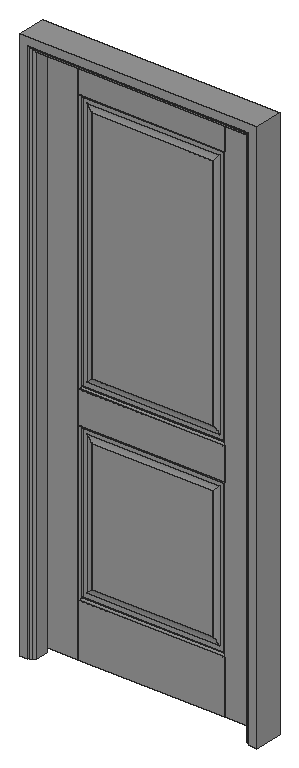
Revit family "V813MERCARVE9", category Doors, host Wall, Revit 2015
Parameters (values of type "V813MERCARVE9")
  Function = Interior
  Frame Projection Ext. = 25 mm
  Frame Projection Int. = 25 mm
  Frame Width = 75 mm
  Height = 2090 mm
  Wall Closure = By host
  Width = 889 mm
Reference planes
  plane 1: y = 0
  plane 2 "Center (Left/Right)": x = 0
  plane 3 "Left": x = -444.5
  plane 4 "Right": x = 444.5
  plane 5: z = 2090
  plane 6 "Exterior": y = 75
  plane 7 "Interior": y = -75
Forms (mm)
  Sweep 1, solid, material "Lauan, Meranti"
    path origin (0, 75, 0) x (1, 0, 0) y (0, 0, 1)
      loop
        line (444.5, 0) -> (444.5, 2090) -> (-444.5, 2090) -> (-444.5, 0)
    profile "Van Acht 105x50 Door Frame Routed Profile (Heavy) : Van Acht 105x50 Door Frame Routed Profile (Heavy)" origin (444.5, 75, 1045) x (-1, 0, 0) y (0, -1, 0)
      loop
        line (0, 22.5) -> (38, 22.5) -> (38, 67.5) -> (50, 67.5) -> (50, 112.5)
        arc (50, 112.5) -> (44.957, 114.29) -> (42.17, 118.859) r 8
        line (42.17, 118.859) -> (39, 118.859)
        arc (39, 118.859) -> (35.311, 122.973) -> (30, 124.5) r 10
        line (30, 124.5) -> (30, 127.5) -> (0, 127.5) -> (0, 22.5)
  Extrusion 2, solid, material "Lauan, Meranti"
    sketch origin (0, -85, 0) x (0, 1, 0) y (0, 0, 1)
      loop
        line (132.5, 20) -> (132.5, 221) -> (130.5, 221)
        arc (130.5, 221) -> (128.866, 225.67) -> (124.5, 228) r 6.807
        line (124.5, 228) -> (124.5, 230) -> (122.5, 230) -> (122.5, 215) -> (102.5, 215) -> (102.5, 230) -> (100.5, 230) -> (100.5, 228)
        arc (100.5, 228) -> (96.134, 225.67) -> (94.5, 221) r 6.807
        line (94.5, 221) -> (92.5, 221) -> (92.5, 20) -> (132.5, 20)
      loop
        line (132.5, 809) -> (132.5, 931) -> (130.5, 931)
        arc (130.5, 931) -> (128.866, 935.67) -> (124.5, 938) r 6.807
        line (124.5, 938) -> (124.5, 940) -> (122.5, 940) -> (122.5, 925) -> (102.5, 925) -> (102.5, 940) -> (100.5, 940) -> (100.5, 938)
        arc (100.5, 938) -> (96.134, 935.67) -> (94.5, 931) r 6.807
        line (94.5, 931) -> (92.5, 931) -> (92.5, 809) -> (94.5, 809)
        arc (94.5, 809) -> (96.134, 804.33) -> (100.5, 802) r 6.807
        line (100.5, 802) -> (100.5, 800) -> (102.5, 800) -> (102.5, 815) -> (122.5, 815) -> (122.5, 800) -> (124.5, 800) -> (124.5, 802)
        arc (124.5, 802) -> (128.866, 804.33) -> (130.5, 809) r 6.807
        line (130.5, 809) -> (132.5, 809)
      loop
        line (130.5, 1921) -> (132.5, 1921) -> (132.5, 2052) -> (92.5, 2052) -> (92.5, 1921) -> (94.5, 1921)
        arc (94.5, 1921) -> (96.134, 1916.33) -> (100.5, 1914) r 6.807
        line (100.5, 1914) -> (100.5, 1912) -> (102.5, 1912) -> (102.5, 1927) -> (122.5, 1927) -> (122.5, 1912) -> (124.5, 1912) -> (124.5, 1914)
        arc (124.5, 1914) -> (128.866, 1916.33) -> (130.5, 1921) r 6.807
    from -275.5 to 275.5
  Extrusion 3, solid, material "Lauan, Meranti"
    sketch origin (0, 0, 0) x (1, 0, 0) y (0, 1, 0)
      loop
        line (-406.5, 47.5) -> (-406.5, 7.5) -> (-275.5, 7.5) -> (-275.5, 9.5)
        arc (-275.5, 9.5) -> (-270.765, 11.06) -> (-268.5, 15.5) r 6.549
        line (-268.5, 15.5) -> (-266.5, 15.5) -> (-266.5, 17.5) -> (-281.5, 17.5) -> (-281.5, 37.5) -> (-266.5, 37.5) -> (-266.5, 39.5) -> (-268.5, 39.5)
        arc (-268.5, 39.5) -> (-270.765, 43.94) -> (-275.5, 45.5) r 6.549
        line (-275.5, 45.5) -> (-275.5, 47.5) -> (-406.5, 47.5)
      loop
        line (406.5, 47.5) -> (275.5, 47.5) -> (275.5, 45.5)
        arc (275.5, 45.5) -> (270.765, 43.94) -> (268.5, 39.5) r 6.549
        line (268.5, 39.5) -> (266.5, 39.5) -> (266.5, 37.5) -> (281.5, 37.5) -> (281.5, 17.5) -> (266.5, 17.5) -> (266.5, 15.5) -> (268.5, 15.5)
        arc (268.5, 15.5) -> (270.765, 11.06) -> (275.5, 9.5) r 6.549
        line (275.5, 9.5) -> (275.5, 7.5) -> (406.5, 7.5) -> (406.5, 47.5)
    from 20 to 2052
  Sweep 4, solid, material "Lauan, Meranti"
    path origin (0, 75, 0) x (1, 0, 0) y (0, 0, 1)
      loop
        line (275.5, 1921) -> (-275.5, 1921) -> (-275.5, 931) -> (275.5, 931) -> (275.5, 1921)
    profile origin (0, 75, 1921) x (0, 0, -1) y (0, -1, 0)
      loop
        line (-4.5, 57.5) -> (-4.5, 37.5) -> (25.727, 37.5)
        arc (25.727, 37.5) -> (37.468, 35.847) -> (48.5, 31.5) r 50.456
        line (48.5, 31.5) -> (48.5, 63.5)
        arc (48.5, 63.5) -> (37.468, 59.153) -> (25.727, 57.5) r 50.456
        line (25.727, 57.5) -> (-4.5, 57.5)
  Sweep 5, solid, material "Lauan, Meranti"
    path origin (0, 75, 0) x (1, 0, 0) y (0, 0, 1)
      loop
        line (275.5, 809) -> (-275.5, 809) -> (-275.5, 221) -> (275.5, 221) -> (275.5, 809)
    profile origin (0, 75, 809) x (0, 0, -1) y (0, -1, 0)
      loop
        line (-4.5, 57.5) -> (-4.5, 37.5) -> (25.727, 37.5)
        arc (25.727, 37.5) -> (37.468, 35.847) -> (48.5, 31.5) r 50.456
        line (48.5, 31.5) -> (48.5, 63.5)
        arc (48.5, 63.5) -> (37.468, 59.153) -> (25.727, 57.5) r 50.456
        line (25.727, 57.5) -> (-4.5, 57.5)
  Extrusion 6, solid, material "Lauan, Meranti"
    sketch origin (0, 75, 0) x (1, 0, 0) y (0, 0, 1)
      loop
        line (227, 760.5) -> (-227, 760.5) -> (-227, 269.5) -> (227, 269.5) -> (227, 760.5)
    from 31.5 to 63.5
  Extrusion 7, solid, material "Lauan, Meranti"
    sketch origin (0, 75, 715) x (1, 0, 0) y (0, 0, 1)
      loop
        line (227, 1157.5) -> (-227, 1157.5) -> (-227, 264.5) -> (227, 264.5) -> (227, 1157.5)
    from 31.5 to 63.5
  Sweep 8, void
    path origin (-193.5, 102.5, 4) x (1, 0, 0) y (0, 0, 1)
      loop
        line (-3.5, 295.5) -> (390.5, 295.5) -> (390.5, 726.5) -> (-3.5, 726.5) -> (-3.5, 295.5)
    profile origin (0, 102.5, 299.5) x (0, 0, 1) y (0, -1, 0)
      loop
        line (-4, 59) -> (4, 59) -> (0, 62.5) -> (-4, 59)
  Sweep 9, void
    path origin (809.197, 102.5, 335.78) x (0, 0, 1) y (-1, 0, 0)
      loop
        line (352.839, 726.5) -> (299.579, 726.5) -> (284.284, 711.205) -> (299.579, 695.91) -> (352.839, 695.91) -> (368.134, 711.205) -> (352.839, 726.5)
    profile origin (82.697, 102.5, 661.989) x (0, -1, 0) y (1, 0, 0)
      loop
        line (59, -4) -> (62.5, 0) -> (59, 4) -> (59, -4)
  Sweep 10, void
    path origin (-277.213, 102.5, 2.197) x (1, 0, 0) y (0, 0, 1)
      loop
        line (349.91, 683.492) -> (302.508, 683.492) -> (302.508, 636.09) -> (349.91, 636.09) -> (349.91, 683.492)
    profile origin (48.996, 102.5, 685.69) x (0, 0, -1) y (0, -1, 0)
      loop
        line (-4, 59) -> (4, 59) -> (0, 62.5) -> (-4, 59)
  Sweep 11, void
    path origin (-277.213, 102.5, -0.221) x (1, 0, 0) y (0, 0, 1)
      loop
        line (352.839, 726.5) -> (299.579, 726.5) -> (284.284, 711.205) -> (299.579, 695.91) -> (352.839, 695.91) -> (368.134, 711.205) -> (352.839, 726.5)
    profile origin (48.996, 102.5, 726.279) x (0, 0, -1) y (0, -1, 0)
      loop
        line (-4, 59) -> (4, 59) -> (0, 62.5) -> (-4, 59)
  Sweep 12, void
    path origin (711.205, 102.5, 335.78) x (0, 0, 1) y (-1, 0, 0)
      loop
        line (352.839, 726.5) -> (299.579, 726.5) -> (284.284, 711.205) -> (299.579, 695.91) -> (352.839, 695.91) -> (368.134, 711.205) -> (352.839, 726.5)
    profile origin (-15.295, 102.5, 661.989) x (0, -1, 0) y (1, 0, 0)
      loop
        line (59, -4) -> (62.5, 0) -> (59, 4) -> (59, -4)
  Sweep 13, void
    path origin (809.197, 102.5, 237.787) x (0, 0, 1) y (-1, 0, 0)
      loop
        line (352.839, 726.5) -> (299.579, 726.5) -> (284.284, 711.205) -> (299.579, 695.91) -> (352.839, 695.91) -> (368.134, 711.205) -> (352.839, 726.5)
    profile origin (82.697, 102.5, 563.996) x (0, -1, 0) y (1, 0, 0)
      loop
        line (59, -4) -> (62.5, 0) -> (59, 4) -> (59, -4)
  Sweep 14, void
    path origin (-277.213, 102.5, -95.795) x (1, 0, 0) y (0, 0, 1)
      loop
        line (349.91, 683.492) -> (302.508, 683.492) -> (302.508, 636.09) -> (349.91, 636.09) -> (349.91, 683.492)
    profile origin (48.996, 102.5, 587.697) x (0, 0, -1) y (0, -1, 0)
      loop
        line (-4, 59) -> (4, 59) -> (0, 62.5) -> (-4, 59)
  Sweep 15, void
    path origin (711.205, 102.5, 237.787) x (0, 0, 1) y (-1, 0, 0)
      loop
        line (352.839, 726.5) -> (299.579, 726.5) -> (284.284, 711.205) -> (299.579, 695.91) -> (352.839, 695.91) -> (368.134, 711.205) -> (352.839, 726.5)
    profile origin (-15.295, 102.5, 563.996) x (0, -1, 0) y (1, 0, 0)
      loop
        line (59, -4) -> (62.5, 0) -> (59, 4) -> (59, -4)
  Sweep 16, void
    path origin (809.197, 102.5, 139.795) x (0, 0, 1) y (-1, 0, 0)
      loop
        line (352.839, 726.5) -> (299.579, 726.5) -> (284.284, 711.205) -> (299.579, 695.91) -> (352.839, 695.91) -> (368.134, 711.205) -> (352.839, 726.5)
    profile origin (82.697, 102.5, 466.004) x (0, -1, 0) y (1, 0, 0)
      loop
        line (59, -4) -> (62.5, 0) -> (59, 4) -> (59, -4)
  Sweep 17, void
    path origin (-277.213, 102.5, -193.787) x (1, 0, 0) y (0, 0, 1)
      loop
        line (349.91, 683.492) -> (302.508, 683.492) -> (302.508, 636.09) -> (349.91, 636.09) -> (349.91, 683.492)
    profile origin (48.996, 102.5, 489.705) x (0, 0, -1) y (0, -1, 0)
      loop
        line (-4, 59) -> (4, 59) -> (0, 62.5) -> (-4, 59)
  Sweep 18, void
    path origin (711.205, 102.5, 139.795) x (0, 0, 1) y (-1, 0, 0)
      loop
        line (352.839, 726.5) -> (299.579, 726.5) -> (284.284, 711.205) -> (299.579, 695.91) -> (352.839, 695.91) -> (368.134, 711.205) -> (352.839, 726.5)
    profile origin (-15.295, 102.5, 466.004) x (0, -1, 0) y (1, 0, 0)
      loop
        line (59, -4) -> (62.5, 0) -> (59, 4) -> (59, -4)
  Sweep 19, void
    path origin (809.197, 102.5, 41.803) x (0, 0, 1) y (-1, 0, 0)
      loop
        line (352.839, 726.5) -> (299.579, 726.5) -> (284.284, 711.205) -> (299.579, 695.91) -> (352.839, 695.91) -> (368.134, 711.205) -> (352.839, 726.5)
    profile origin (82.697, 102.5, 368.012) x (0, -1, 0) y (1, 0, 0)
      loop
        line (59, -4) -> (62.5, 0) -> (59, 4) -> (59, -4)
  Sweep 20, void
    path origin (-277.213, 102.5, -291.78) x (1, 0, 0) y (0, 0, 1)
      loop
        line (349.91, 683.492) -> (302.508, 683.492) -> (302.508, 636.09) -> (349.91, 636.09) -> (349.91, 683.492)
    profile origin (48.996, 102.5, 391.713) x (0, 0, -1) y (0, -1, 0)
      loop
        line (-4, 59) -> (4, 59) -> (0, 62.5) -> (-4, 59)
  Sweep 21, void
    path origin (711.205, 102.5, 41.803) x (0, 0, 1) y (-1, 0, 0)
      loop
        line (352.839, 726.5) -> (299.579, 726.5) -> (284.284, 711.205) -> (299.579, 695.91) -> (352.839, 695.91) -> (368.134, 711.205) -> (352.839, 726.5)
    profile origin (-15.295, 102.5, 368.012) x (0, -1, 0) y (1, 0, 0)
      loop
        line (59, -4) -> (62.5, 0) -> (59, 4) -> (59, -4)
  Sweep 22, void
    path origin (-277.213, 102.5, 1324.197) x (1, 0, 0) y (0, 0, 1)
      loop
        line (352.839, -726.5) -> (368.134, -711.205) -> (352.839, -695.91) -> (299.579, -695.91) -> (284.284, -711.205) -> (299.579, -726.5) -> (352.839, -726.5)
    profile origin (48.996, 102.5, 597.697) x (0, 0, -1) y (0, -1, 0)
      loop
        line (4, 59) -> (0, 62.5) -> (-4, 59) -> (4, 59)
  Sweep 23, void
    path origin (-277.213, 102.5, 1226.205) x (1, 0, 0) y (0, 0, 1)
      loop
        line (352.839, -726.5) -> (368.134, -711.205) -> (352.839, -695.91) -> (299.579, -695.91) -> (284.284, -711.205) -> (299.579, -726.5) -> (352.839, -726.5)
    profile origin (48.996, 102.5, 499.705) x (0, 0, -1) y (0, -1, 0)
      loop
        line (4, 59) -> (0, 62.5) -> (-4, 59) -> (4, 59)
  Sweep 24, void
    path origin (-277.213, 102.5, 1128.213) x (1, 0, 0) y (0, 0, 1)
      loop
        line (352.839, -726.5) -> (368.134, -711.205) -> (352.839, -695.91) -> (299.579, -695.91) -> (284.284, -711.205) -> (299.579, -726.5) -> (352.839, -726.5)
    profile origin (48.996, 102.5, 401.713) x (0, 0, -1) y (0, -1, 0)
      loop
        line (4, 59) -> (0, 62.5) -> (-4, 59) -> (4, 59)
  Sweep 25, void
    path origin (-277.213, 102.5, 1030.221) x (1, 0, 0) y (0, 0, 1)
      loop
        line (352.839, -726.5) -> (368.134, -711.205) -> (352.839, -695.91) -> (299.579, -695.91) -> (284.284, -711.205) -> (299.579, -726.5) -> (352.839, -726.5)
    profile origin (48.996, 102.5, 303.721) x (0, 0, -1) y (0, -1, 0)
      loop
        line (4, 59) -> (0, 62.5) -> (-4, 59) -> (4, 59)
  Sweep 26, void
    path origin (-809.197, 102.5, 335.78) x (0, 0, 1) y (-1, 0, 0)
      loop
        line (352.839, -726.5) -> (368.134, -711.205) -> (352.839, -695.91) -> (299.579, -695.91) -> (284.284, -711.205) -> (299.579, -726.5) -> (352.839, -726.5)
    profile origin (-82.697, 102.5, 661.989) x (0, -1, 0) y (1, 0, 0)
      loop
        line (59, 4) -> (59, -4) -> (62.5, 0) -> (59, 4)
  Sweep 27, void
    path origin (277.213, 102.5, 2.197) x (-1, 0, 0) y (0, 0, -1)
      loop
        line (349.91, -683.492) -> (349.91, -636.09) -> (302.508, -636.09) -> (302.508, -683.492) -> (349.91, -683.492)
    profile origin (-48.996, 102.5, 685.69) x (0, 0, 1) y (0, -1, 0)
      loop
        line (4, 59) -> (0, 62.5) -> (-4, 59) -> (4, 59)
  Sweep 28, void
    path origin (277.213, 102.5, -0.221) x (-1, 0, 0) y (0, 0, -1)
      loop
        line (352.839, -726.5) -> (368.134, -711.205) -> (352.839, -695.91) -> (299.579, -695.91) -> (284.284, -711.205) -> (299.579, -726.5) -> (352.839, -726.5)
    profile origin (-48.996, 102.5, 726.279) x (0, 0, 1) y (0, -1, 0)
      loop
        line (4, 59) -> (0, 62.5) -> (-4, 59) -> (4, 59)
  Sweep 29, void
    path origin (-809.197, 102.5, 237.787) x (0, 0, 1) y (-1, 0, 0)
      loop
        line (352.839, -726.5) -> (368.134, -711.205) -> (352.839, -695.91) -> (299.579, -695.91) -> (284.284, -711.205) -> (299.579, -726.5) -> (352.839, -726.5)
    profile origin (-82.697, 102.5, 563.996) x (0, -1, 0) y (1, 0, 0)
      loop
        line (59, 4) -> (59, -4) -> (62.5, 0) -> (59, 4)
  Sweep 30, void
    path origin (277.213, 102.5, -95.795) x (-1, 0, 0) y (0, 0, -1)
      loop
        line (349.91, -683.492) -> (349.91, -636.09) -> (302.508, -636.09) -> (302.508, -683.492) -> (349.91, -683.492)
    profile origin (-48.996, 102.5, 587.697) x (0, 0, 1) y (0, -1, 0)
      loop
        line (4, 59) -> (0, 62.5) -> (-4, 59) -> (4, 59)
  Sweep 31, void
    path origin (-809.197, 102.5, 139.795) x (0, 0, 1) y (-1, 0, 0)
      loop
        line (352.839, -726.5) -> (368.134, -711.205) -> (352.839, -695.91) -> (299.579, -695.91) -> (284.284, -711.205) -> (299.579, -726.5) -> (352.839, -726.5)
    profile origin (-82.697, 102.5, 466.004) x (0, -1, 0) y (1, 0, 0)
      loop
        line (59, 4) -> (59, -4) -> (62.5, 0) -> (59, 4)
  Sweep 32, void
    path origin (277.213, 102.5, -193.787) x (-1, 0, 0) y (0, 0, -1)
      loop
        line (349.91, -683.492) -> (349.91, -636.09) -> (302.508, -636.09) -> (302.508, -683.492) -> (349.91, -683.492)
    profile origin (-48.996, 102.5, 489.705) x (0, 0, 1) y (0, -1, 0)
      loop
        line (4, 59) -> (0, 62.5) -> (-4, 59) -> (4, 59)
  Sweep 33, void
    path origin (-809.197, 102.5, 41.803) x (0, 0, 1) y (-1, 0, 0)
      loop
        line (352.839, -726.5) -> (368.134, -711.205) -> (352.839, -695.91) -> (299.579, -695.91) -> (284.284, -711.205) -> (299.579, -726.5) -> (352.839, -726.5)
    profile origin (-82.697, 102.5, 368.012) x (0, -1, 0) y (1, 0, 0)
      loop
        line (59, 4) -> (59, -4) -> (62.5, 0) -> (59, 4)
  Sweep 34, void
    path origin (277.213, 102.5, -291.78) x (-1, 0, 0) y (0, 0, -1)
      loop
        line (349.91, -683.492) -> (349.91, -636.09) -> (302.508, -636.09) -> (302.508, -683.492) -> (349.91, -683.492)
    profile origin (-48.996, 102.5, 391.713) x (0, 0, 1) y (0, -1, 0)
      loop
        line (4, 59) -> (0, 62.5) -> (-4, 59) -> (4, 59)
  Sweep 35, void
    path origin (277.213, 102.5, 1324.197) x (-1, 0, 0) y (0, 0, -1)
      loop
        line (352.839, 726.5) -> (299.579, 726.5) -> (284.284, 711.205) -> (299.579, 695.91) -> (352.839, 695.91) -> (368.134, 711.205) -> (352.839, 726.5)
    profile origin (-48.996, 102.5, 597.697) x (0, 0, 1) y (0, -1, 0)
      loop
        line (-4, 59) -> (4, 59) -> (0, 62.5) -> (-4, 59)
  Sweep 36, void
    path origin (277.213, 102.5, 1226.205) x (-1, 0, 0) y (0, 0, -1)
      loop
        line (352.839, 726.5) -> (299.579, 726.5) -> (284.284, 711.205) -> (299.579, 695.91) -> (352.839, 695.91) -> (368.134, 711.205) -> (352.839, 726.5)
    profile origin (-48.996, 102.5, 499.705) x (0, 0, 1) y (0, -1, 0)
      loop
        line (-4, 59) -> (4, 59) -> (0, 62.5) -> (-4, 59)
  Sweep 37, void
    path origin (277.213, 102.5, 1128.213) x (-1, 0, 0) y (0, 0, -1)
      loop
        line (352.839, 726.5) -> (299.579, 726.5) -> (284.284, 711.205) -> (299.579, 695.91) -> (352.839, 695.91) -> (368.134, 711.205) -> (352.839, 726.5)
    profile origin (-48.996, 102.5, 401.713) x (0, 0, 1) y (0, -1, 0)
      loop
        line (-4, 59) -> (4, 59) -> (0, 62.5) -> (-4, 59)
  Sweep 38, void
    path origin (277.213, 102.5, 1030.221) x (-1, 0, 0) y (0, 0, -1)
      loop
        line (352.839, 726.5) -> (299.579, 726.5) -> (284.284, 711.205) -> (299.579, 695.91) -> (352.839, 695.91) -> (368.134, 711.205) -> (352.839, 726.5)
    profile origin (-48.996, 102.5, 303.721) x (0, 0, 1) y (0, -1, 0)
      loop
        line (-4, 59) -> (4, 59) -> (0, 62.5) -> (-4, 59)
  Sweep 39, void
    path origin (-473.197, 102.5, 2.197) x (1, 0, 0) y (0, 0, 1)
      loop
        line (349.91, 683.492) -> (302.508, 683.492) -> (302.508, 636.09) -> (349.91, 636.09) -> (349.91, 683.492)
    profile origin (-146.988, 102.5, 685.69) x (0, 0, -1) y (0, -1, 0)
      loop
        line (-4, 59) -> (4, 59) -> (0, 62.5) -> (-4, 59)
  Sweep 40, void
    path origin (-473.197, 102.5, -0.221) x (1, 0, 0) y (0, 0, 1)
      loop
        line (352.839, 726.5) -> (299.579, 726.5) -> (284.284, 711.205) -> (299.579, 695.91) -> (352.839, 695.91) -> (368.134, 711.205) -> (352.839, 726.5)
    profile origin (-146.988, 102.5, 726.279) x (0, 0, -1) y (0, -1, 0)
      loop
        line (-4, 59) -> (4, 59) -> (0, 62.5) -> (-4, 59)
  Sweep 41, void
    path origin (-473.197, 102.5, -95.795) x (1, 0, 0) y (0, 0, 1)
      loop
        line (349.91, 683.492) -> (302.508, 683.492) -> (302.508, 636.09) -> (349.91, 636.09) -> (349.91, 683.492)
    profile origin (-146.988, 102.5, 587.697) x (0, 0, -1) y (0, -1, 0)
      loop
        line (-4, 59) -> (4, 59) -> (0, 62.5) -> (-4, 59)
  Sweep 42, void
    path origin (-473.197, 102.5, -193.787) x (1, 0, 0) y (0, 0, 1)
      loop
        line (349.91, 683.492) -> (302.508, 683.492) -> (302.508, 636.09) -> (349.91, 636.09) -> (349.91, 683.492)
    profile origin (-146.988, 102.5, 489.705) x (0, 0, -1) y (0, -1, 0)
      loop
        line (-4, 59) -> (4, 59) -> (0, 62.5) -> (-4, 59)
  Sweep 43, void
    path origin (-473.197, 102.5, -291.78) x (1, 0, 0) y (0, 0, 1)
      loop
        line (349.91, 683.492) -> (302.508, 683.492) -> (302.508, 636.09) -> (349.91, 636.09) -> (349.91, 683.492)
    profile origin (-146.988, 102.5, 391.713) x (0, 0, -1) y (0, -1, 0)
      loop
        line (-4, 59) -> (4, 59) -> (0, 62.5) -> (-4, 59)
  Sweep 44, void
    path origin (-473.197, 102.5, 1324.197) x (1, 0, 0) y (0, 0, 1)
      loop
        line (352.839, -726.5) -> (368.134, -711.205) -> (352.839, -695.91) -> (299.579, -695.91) -> (284.284, -711.205) -> (299.579, -726.5) -> (352.839, -726.5)
    profile origin (-146.988, 102.5, 597.697) x (0, 0, -1) y (0, -1, 0)
      loop
        line (4, 59) -> (0, 62.5) -> (-4, 59) -> (4, 59)
  Sweep 45, void
    path origin (-473.197, 102.5, 1226.205) x (1, 0, 0) y (0, 0, 1)
      loop
        line (352.839, -726.5) -> (368.134, -711.205) -> (352.839, -695.91) -> (299.579, -695.91) -> (284.284, -711.205) -> (299.579, -726.5) -> (352.839, -726.5)
    profile origin (-146.988, 102.5, 499.705) x (0, 0, -1) y (0, -1, 0)
      loop
        line (4, 59) -> (0, 62.5) -> (-4, 59) -> (4, 59)
  Sweep 46, void
    path origin (-473.197, 102.5, 1128.213) x (1, 0, 0) y (0, 0, 1)
      loop
        line (352.839, -726.5) -> (368.134, -711.205) -> (352.839, -695.91) -> (299.579, -695.91) -> (284.284, -711.205) -> (299.579, -726.5) -> (352.839, -726.5)
    profile origin (-146.988, 102.5, 401.713) x (0, 0, -1) y (0, -1, 0)
      loop
        line (4, 59) -> (0, 62.5) -> (-4, 59) -> (4, 59)
  Sweep 47, void
    path origin (-473.197, 102.5, 1030.221) x (1, 0, 0) y (0, 0, 1)
      loop
        line (352.839, -726.5) -> (368.134, -711.205) -> (352.839, -695.91) -> (299.579, -695.91) -> (284.284, -711.205) -> (299.579, -726.5) -> (352.839, -726.5)
    profile origin (-146.988, 102.5, 303.721) x (0, 0, -1) y (0, -1, 0)
      loop
        line (4, 59) -> (0, 62.5) -> (-4, 59) -> (4, 59)
  Sweep 48, void
    path origin (515.221, 102.5, 41.803) x (0, 0, 1) y (-1, 0, 0)
      loop
        line (369.149, 712.221) -> (283.268, 712.221) -> (299.579, 695.91) -> (352.839, 695.91) -> (369.149, 712.221)
    profile origin (-197, 102.5, 368.012) x (0, -1, 0) y (1, 0, 0)
      loop
        line (59, -4) -> (62.5, 0) -> (59, 4) -> (59, -4)
  Sweep 49, void
    path origin (515.221, 102.5, 139.795) x (0, 0, 1) y (-1, 0, 0)
      loop
        line (369.149, 712.221) -> (283.268, 712.221) -> (299.579, 695.91) -> (352.839, 695.91) -> (369.149, 712.221)
    profile origin (-197, 102.5, 466.004) x (0, -1, 0) y (1, 0, 0)
      loop
        line (59, -4) -> (62.5, 0) -> (59, 4) -> (59, -4)
  Sweep 50, void
    path origin (515.221, 102.5, 237.787) x (0, 0, 1) y (-1, 0, 0)
      loop
        line (369.149, 712.221) -> (283.268, 712.221) -> (299.579, 695.91) -> (352.839, 695.91) -> (369.149, 712.221)
    profile origin (-197, 102.5, 563.996) x (0, -1, 0) y (1, 0, 0)
      loop
        line (59, -4) -> (62.5, 0) -> (59, 4) -> (59, -4)
  Sweep 51, void
    path origin (515.221, 102.5, 335.78) x (0, 0, 1) y (-1, 0, 0)
      loop
        line (369.149, 712.221) -> (283.268, 712.221) -> (299.579, 695.91) -> (352.839, 695.91) -> (369.149, 712.221)
    profile origin (-197, 102.5, 661.988) x (0, -1, 0) y (1, 0, 0)
      loop
        line (59, -4) -> (62.5, 0) -> (59, 4) -> (59, -4)
  Sweep 52, void
    path origin (473.197, 102.5, 2.197) x (-1, 0, 0) y (0, 0, -1)
      loop
        line (349.91, -683.492) -> (349.91, -636.09) -> (302.508, -636.09) -> (302.508, -683.492) -> (349.91, -683.492)
    profile origin (146.988, 102.5, 685.69) x (0, 0, 1) y (0, -1, 0)
      loop
        line (4, 59) -> (0, 62.5) -> (-4, 59) -> (4, 59)
  Sweep 53, void
    path origin (473.197, 102.5, -0.221) x (-1, 0, 0) y (0, 0, -1)
      loop
        line (352.839, -726.5) -> (368.134, -711.205) -> (352.839, -695.91) -> (299.579, -695.91) -> (284.284, -711.205) -> (299.579, -726.5) -> (352.839, -726.5)
    profile origin (146.988, 102.5, 726.279) x (0, 0, 1) y (0, -1, 0)
      loop
        line (4, 59) -> (0, 62.5) -> (-4, 59) -> (4, 59)
  Sweep 54, void
    path origin (473.197, 102.5, -95.795) x (-1, 0, 0) y (0, 0, -1)
      loop
        line (349.91, -683.492) -> (349.91, -636.09) -> (302.508, -636.09) -> (302.508, -683.492) -> (349.91, -683.492)
    profile origin (146.988, 102.5, 587.697) x (0, 0, 1) y (0, -1, 0)
      loop
        line (4, 59) -> (0, 62.5) -> (-4, 59) -> (4, 59)
  Sweep 55, void
    path origin (473.197, 102.5, -193.787) x (-1, 0, 0) y (0, 0, -1)
      loop
        line (349.91, -683.492) -> (349.91, -636.09) -> (302.508, -636.09) -> (302.508, -683.492) -> (349.91, -683.492)
    profile origin (146.988, 102.5, 489.705) x (0, 0, 1) y (0, -1, 0)
      loop
        line (4, 59) -> (0, 62.5) -> (-4, 59) -> (4, 59)
  Sweep 56, void
    path origin (473.197, 102.5, -291.78) x (-1, 0, 0) y (0, 0, -1)
      loop
        line (349.91, -683.492) -> (349.91, -636.09) -> (302.508, -636.09) -> (302.508, -683.492) -> (349.91, -683.492)
    profile origin (146.988, 102.5, 391.713) x (0, 0, 1) y (0, -1, 0)
      loop
        line (4, 59) -> (0, 62.5) -> (-4, 59) -> (4, 59)
  Sweep 57, void
    path origin (473.197, 102.5, 1324.197) x (-1, 0, 0) y (0, 0, -1)
      loop
        line (352.839, 726.5) -> (299.579, 726.5) -> (284.284, 711.205) -> (299.579, 695.91) -> (352.839, 695.91) -> (368.134, 711.205) -> (352.839, 726.5)
    profile origin (146.988, 102.5, 597.697) x (0, 0, 1) y (0, -1, 0)
      loop
        line (-4, 59) -> (4, 59) -> (0, 62.5) -> (-4, 59)
  Sweep 58, void
    path origin (473.197, 102.5, 1226.205) x (-1, 0, 0) y (0, 0, -1)
      loop
        line (352.839, 726.5) -> (299.579, 726.5) -> (284.284, 711.205) -> (299.579, 695.91) -> (352.839, 695.91) -> (368.134, 711.205) -> (352.839, 726.5)
    profile origin (146.988, 102.5, 499.705) x (0, 0, 1) y (0, -1, 0)
      loop
        line (-4, 59) -> (4, 59) -> (0, 62.5) -> (-4, 59)
  Sweep 59, void
    path origin (473.197, 102.5, 1128.213) x (-1, 0, 0) y (0, 0, -1)
      loop
        line (352.839, 726.5) -> (299.579, 726.5) -> (284.284, 711.205) -> (299.579, 695.91) -> (352.839, 695.91) -> (368.134, 711.205) -> (352.839, 726.5)
    profile origin (146.988, 102.5, 401.713) x (0, 0, 1) y (0, -1, 0)
      loop
        line (-4, 59) -> (4, 59) -> (0, 62.5) -> (-4, 59)
  Sweep 60, void
    path origin (473.197, 102.5, 1030.221) x (-1, 0, 0) y (0, 0, -1)
      loop
        line (352.839, 726.5) -> (299.579, 726.5) -> (284.284, 711.205) -> (299.579, 695.91) -> (352.839, 695.91) -> (368.134, 711.205) -> (352.839, 726.5)
    profile origin (146.988, 102.5, 303.721) x (0, 0, 1) y (0, -1, 0)
      loop
        line (-4, 59) -> (4, 59) -> (0, 62.5) -> (-4, 59)
  Sweep 61, void
    path origin (-515.221, 102.5, 41.803) x (0, 0, 1) y (-1, 0, 0)
      loop
        line (369.149, -712.221) -> (352.839, -695.91) -> (299.579, -695.91) -> (283.268, -712.221) -> (369.149, -712.221)
    profile origin (197, 102.5, 368.012) x (0, -1, 0) y (1, 0, 0)
      loop
        line (59, 4) -> (59, -4) -> (62.5, 0) -> (59, 4)
  Sweep 62, void
    path origin (-515.221, 102.5, 139.795) x (0, 0, 1) y (-1, 0, 0)
      loop
        line (369.149, -712.221) -> (352.839, -695.91) -> (299.579, -695.91) -> (283.268, -712.221) -> (369.149, -712.221)
    profile origin (197, 102.5, 466.004) x (0, -1, 0) y (1, 0, 0)
      loop
        line (59, 4) -> (59, -4) -> (62.5, 0) -> (59, 4)
  Sweep 63, void
    path origin (-515.221, 102.5, 237.787) x (0, 0, 1) y (-1, 0, 0)
      loop
        line (369.149, -712.221) -> (352.839, -695.91) -> (299.579, -695.91) -> (283.268, -712.221) -> (369.149, -712.221)
    profile origin (197, 102.5, 563.996) x (0, -1, 0) y (1, 0, 0)
      loop
        line (59, 4) -> (59, -4) -> (62.5, 0) -> (59, 4)
  Sweep 64, void
    path origin (-515.221, 102.5, 335.78) x (0, 0, 1) y (-1, 0, 0)
      loop
        line (369.149, -712.221) -> (352.839, -695.91) -> (299.579, -695.91) -> (283.268, -712.221) -> (369.149, -712.221)
    profile origin (197, 102.5, 661.988) x (0, -1, 0) y (1, 0, 0)
      loop
        line (59, 4) -> (59, -4) -> (62.5, 0) -> (59, 4)
  Sweep 65, void
    path origin (-193.5, 102.5, 714) x (1, 0, 0) y (0, 0, 1)
      loop
        line (-3.5, 295.5) -> (390.5, 295.5) -> (390.5, 1128.5) -> (-3.5, 1128.5) -> (-3.5, 295.5)
    profile origin (0, 102.5, 1009.5) x (0, 0, 1) y (0, -1, 0)
      loop
        line (-4, 59) -> (4, 59) -> (0, 62.5) -> (-4, 59)
  Sweep 66, void
    path origin (809.197, 102.5, 1246.78) x (0, 0, 1) y (-1, 0, 0)
      loop
        line (352.839, 726.5) -> (299.579, 726.5) -> (284.284, 711.205) -> (299.579, 695.91) -> (352.839, 695.91) -> (368.134, 711.205) -> (352.839, 726.5)
    profile origin (82.697, 102.5, 1572.989) x (0, -1, 0) y (1, 0, 0)
      loop
        line (59, -4) -> (62.5, 0) -> (59, 4) -> (59, -4)
  Sweep 67, void
    path origin (-277.213, 102.5, 913.197) x (1, 0, 0) y (0, 0, 1)
      loop
        line (349.91, 683.492) -> (302.508, 683.492) -> (302.508, 636.09) -> (349.91, 636.09) -> (349.91, 683.492)
    profile origin (48.996, 102.5, 1596.69) x (0, 0, -1) y (0, -1, 0)
      loop
        line (-4, 59) -> (4, 59) -> (0, 62.5) -> (-4, 59)
  Sweep 68, void
    path origin (-277.213, 102.5, 910.779) x (1, 0, 0) y (0, 0, 1)
      loop
        line (352.839, 726.5) -> (299.579, 726.5) -> (284.284, 711.205) -> (299.579, 695.91) -> (352.839, 695.91) -> (368.134, 711.205) -> (352.839, 726.5)
    profile origin (48.996, 102.5, 1637.279) x (0, 0, -1) y (0, -1, 0)
      loop
        line (-4, 59) -> (4, 59) -> (0, 62.5) -> (-4, 59)
  Sweep 69, void
    path origin (711.205, 102.5, 1246.78) x (0, 0, 1) y (-1, 0, 0)
      loop
        line (352.839, 726.5) -> (299.579, 726.5) -> (284.284, 711.205) -> (299.579, 695.91) -> (352.839, 695.91) -> (368.134, 711.205) -> (352.839, 726.5)
    profile origin (-15.295, 102.5, 1572.989) x (0, -1, 0) y (1, 0, 0)
      loop
        line (59, -4) -> (62.5, 0) -> (59, 4) -> (59, -4)
  Sweep 70, void
    path origin (809.197, 102.5, 1148.787) x (0, 0, 1) y (-1, 0, 0)
      loop
        line (352.839, 726.5) -> (299.579, 726.5) -> (284.284, 711.205) -> (299.579, 695.91) -> (352.839, 695.91) -> (368.134, 711.205) -> (352.839, 726.5)
    profile origin (82.697, 102.5, 1474.996) x (0, -1, 0) y (1, 0, 0)
      loop
        line (59, -4) -> (62.5, 0) -> (59, 4) -> (59, -4)
  Sweep 71, void
    path origin (-277.213, 102.5, 815.205) x (1, 0, 0) y (0, 0, 1)
      loop
        line (349.91, 683.492) -> (302.508, 683.492) -> (302.508, 636.09) -> (349.91, 636.09) -> (349.91, 683.492)
    profile origin (48.996, 102.5, 1498.697) x (0, 0, -1) y (0, -1, 0)
      loop
        line (-4, 59) -> (4, 59) -> (0, 62.5) -> (-4, 59)
  Sweep 72, void
    path origin (711.205, 102.5, 1148.787) x (0, 0, 1) y (-1, 0, 0)
      loop
        line (352.839, 726.5) -> (299.579, 726.5) -> (284.284, 711.205) -> (299.579, 695.91) -> (352.839, 695.91) -> (368.134, 711.205) -> (352.839, 726.5)
    profile origin (-15.295, 102.5, 1474.996) x (0, -1, 0) y (1, 0, 0)
      loop
        line (59, -4) -> (62.5, 0) -> (59, 4) -> (59, -4)
  Sweep 73, void
    path origin (809.197, 102.5, 1050.795) x (0, 0, 1) y (-1, 0, 0)
      loop
        line (352.839, 726.5) -> (299.579, 726.5) -> (284.284, 711.205) -> (299.579, 695.91) -> (352.839, 695.91) -> (368.134, 711.205) -> (352.839, 726.5)
    profile origin (82.697, 102.5, 1377.004) x (0, -1, 0) y (1, 0, 0)
      loop
        line (59, -4) -> (62.5, 0) -> (59, 4) -> (59, -4)
  Sweep 74, void
    path origin (-277.213, 102.5, 717.213) x (1, 0, 0) y (0, 0, 1)
      loop
        line (349.91, 683.492) -> (302.508, 683.492) -> (302.508, 636.09) -> (349.91, 636.09) -> (349.91, 683.492)
    profile origin (48.996, 102.5, 1400.705) x (0, 0, -1) y (0, -1, 0)
      loop
        line (-4, 59) -> (4, 59) -> (0, 62.5) -> (-4, 59)
  Sweep 75, void
    path origin (711.205, 102.5, 1050.795) x (0, 0, 1) y (-1, 0, 0)
      loop
        line (352.839, 726.5) -> (299.579, 726.5) -> (284.284, 711.205) -> (299.579, 695.91) -> (352.839, 695.91) -> (368.134, 711.205) -> (352.839, 726.5)
    profile origin (-15.295, 102.5, 1377.004) x (0, -1, 0) y (1, 0, 0)
      loop
        line (59, -4) -> (62.5, 0) -> (59, 4) -> (59, -4)
  Sweep 76, void
    path origin (809.197, 102.5, 952.803) x (0, 0, 1) y (-1, 0, 0)
      loop
        line (352.839, 726.5) -> (299.579, 726.5) -> (284.284, 711.205) -> (299.579, 695.91) -> (352.839, 695.91) -> (368.134, 711.205) -> (352.839, 726.5)
    profile origin (82.697, 102.5, 1279.012) x (0, -1, 0) y (1, 0, 0)
      loop
        line (59, -4) -> (62.5, 0) -> (59, 4) -> (59, -4)
  Sweep 77, void
    path origin (-277.213, 102.5, 619.22) x (1, 0, 0) y (0, 0, 1)
      loop
        line (349.91, 683.492) -> (302.508, 683.492) -> (302.508, 636.09) -> (349.91, 636.09) -> (349.91, 683.492)
    profile origin (48.996, 102.5, 1302.713) x (0, 0, -1) y (0, -1, 0)
      loop
        line (-4, 59) -> (4, 59) -> (0, 62.5) -> (-4, 59)
  Sweep 78, void
    path origin (711.205, 102.5, 952.803) x (0, 0, 1) y (-1, 0, 0)
      loop
        line (352.839, 726.5) -> (299.579, 726.5) -> (284.284, 711.205) -> (299.579, 695.91) -> (352.839, 695.91) -> (368.134, 711.205) -> (352.839, 726.5)
    profile origin (-15.295, 102.5, 1279.012) x (0, -1, 0) y (1, 0, 0)
      loop
        line (59, -4) -> (62.5, 0) -> (59, 4) -> (59, -4)
  Sweep 79, void
    path origin (-277.213, 102.5, 2235.197) x (1, 0, 0) y (0, 0, 1)
      loop
        line (352.839, -726.5) -> (368.134, -711.205) -> (352.839, -695.91) -> (299.579, -695.91) -> (284.284, -711.205) -> (299.579, -726.5) -> (352.839, -726.5)
    profile origin (48.996, 102.5, 1508.697) x (0, 0, -1) y (0, -1, 0)
      loop
        line (4, 59) -> (0, 62.5) -> (-4, 59) -> (4, 59)
  Sweep 80, void
    path origin (-277.213, 102.5, 2137.205) x (1, 0, 0) y (0, 0, 1)
      loop
        line (352.839, -726.5) -> (368.134, -711.205) -> (352.839, -695.91) -> (299.579, -695.91) -> (284.284, -711.205) -> (299.579, -726.5) -> (352.839, -726.5)
    profile origin (48.996, 102.5, 1410.705) x (0, 0, -1) y (0, -1, 0)
      loop
        line (4, 59) -> (0, 62.5) -> (-4, 59) -> (4, 59)
  Sweep 81, void
    path origin (-277.213, 102.5, 2039.213) x (1, 0, 0) y (0, 0, 1)
      loop
        line (352.839, -726.5) -> (368.134, -711.205) -> (352.839, -695.91) -> (299.579, -695.91) -> (284.284, -711.205) -> (299.579, -726.5) -> (352.839, -726.5)
    profile origin (48.996, 102.5, 1312.713) x (0, 0, -1) y (0, -1, 0)
      loop
        line (4, 59) -> (0, 62.5) -> (-4, 59) -> (4, 59)
  Sweep 82, void
    path origin (-277.213, 102.5, 1941.221) x (1, 0, 0) y (0, 0, 1)
      loop
        line (352.839, -726.5) -> (368.134, -711.205) -> (352.839, -695.91) -> (299.579, -695.91) -> (284.284, -711.205) -> (299.579, -726.5) -> (352.839, -726.5)
    profile origin (48.996, 102.5, 1214.721) x (0, 0, -1) y (0, -1, 0)
      loop
        line (4, 59) -> (0, 62.5) -> (-4, 59) -> (4, 59)
  Sweep 83, void
    path origin (-809.197, 102.5, 1246.78) x (0, 0, 1) y (-1, 0, 0)
      loop
        line (352.839, -726.5) -> (368.134, -711.205) -> (352.839, -695.91) -> (299.579, -695.91) -> (284.284, -711.205) -> (299.579, -726.5) -> (352.839, -726.5)
    profile origin (-82.697, 102.5, 1572.989) x (0, -1, 0) y (1, 0, 0)
      loop
        line (59, 4) -> (59, -4) -> (62.5, 0) -> (59, 4)
  Sweep 84, void
    path origin (277.213, 102.5, 913.197) x (-1, 0, 0) y (0, 0, -1)
      loop
        line (349.91, -683.492) -> (349.91, -636.09) -> (302.508, -636.09) -> (302.508, -683.492) -> (349.91, -683.492)
    profile origin (-48.996, 102.5, 1596.69) x (0, 0, 1) y (0, -1, 0)
      loop
        line (4, 59) -> (0, 62.5) -> (-4, 59) -> (4, 59)
  Sweep 85, void
    path origin (277.213, 102.5, 910.779) x (-1, 0, 0) y (0, 0, -1)
      loop
        line (352.839, -726.5) -> (368.134, -711.205) -> (352.839, -695.91) -> (299.579, -695.91) -> (284.284, -711.205) -> (299.579, -726.5) -> (352.839, -726.5)
    profile origin (-48.996, 102.5, 1637.279) x (0, 0, 1) y (0, -1, 0)
      loop
        line (4, 59) -> (0, 62.5) -> (-4, 59) -> (4, 59)
  Sweep 86, void
    path origin (-809.197, 102.5, 1148.787) x (0, 0, 1) y (-1, 0, 0)
      loop
        line (352.839, -726.5) -> (368.134, -711.205) -> (352.839, -695.91) -> (299.579, -695.91) -> (284.284, -711.205) -> (299.579, -726.5) -> (352.839, -726.5)
    profile origin (-82.697, 102.5, 1474.996) x (0, -1, 0) y (1, 0, 0)
      loop
        line (59, 4) -> (59, -4) -> (62.5, 0) -> (59, 4)
  Sweep 87, void
    path origin (277.213, 102.5, 815.205) x (-1, 0, 0) y (0, 0, -1)
      loop
        line (349.91, -683.492) -> (349.91, -636.09) -> (302.508, -636.09) -> (302.508, -683.492) -> (349.91, -683.492)
    profile origin (-48.996, 102.5, 1498.697) x (0, 0, 1) y (0, -1, 0)
      loop
        line (4, 59) -> (0, 62.5) -> (-4, 59) -> (4, 59)
  Sweep 88, void
    path origin (-809.197, 102.5, 1050.795) x (0, 0, 1) y (-1, 0, 0)
      loop
        line (352.839, -726.5) -> (368.134, -711.205) -> (352.839, -695.91) -> (299.579, -695.91) -> (284.284, -711.205) -> (299.579, -726.5) -> (352.839, -726.5)
    profile origin (-82.697, 102.5, 1377.004) x (0, -1, 0) y (1, 0, 0)
      loop
        line (59, 4) -> (59, -4) -> (62.5, 0) -> (59, 4)
  Sweep 89, void
    path origin (277.213, 102.5, 717.213) x (-1, 0, 0) y (0, 0, -1)
      loop
        line (349.91, -683.492) -> (349.91, -636.09) -> (302.508, -636.09) -> (302.508, -683.492) -> (349.91, -683.492)
    profile origin (-48.996, 102.5, 1400.705) x (0, 0, 1) y (0, -1, 0)
      loop
        line (4, 59) -> (0, 62.5) -> (-4, 59) -> (4, 59)
  Sweep 90, void
    path origin (-809.197, 102.5, 952.803) x (0, 0, 1) y (-1, 0, 0)
      loop
        line (352.839, -726.5) -> (368.134, -711.205) -> (352.839, -695.91) -> (299.579, -695.91) -> (284.284, -711.205) -> (299.579, -726.5) -> (352.839, -726.5)
    profile origin (-82.697, 102.5, 1279.012) x (0, -1, 0) y (1, 0, 0)
      loop
        line (59, 4) -> (59, -4) -> (62.5, 0) -> (59, 4)
  Sweep 91, void
    path origin (277.213, 102.5, 619.22) x (-1, 0, 0) y (0, 0, -1)
      loop
        line (349.91, -683.492) -> (349.91, -636.09) -> (302.508, -636.09) -> (302.508, -683.492) -> (349.91, -683.492)
    profile origin (-48.996, 102.5, 1302.713) x (0, 0, 1) y (0, -1, 0)
      loop
        line (4, 59) -> (0, 62.5) -> (-4, 59) -> (4, 59)
  Sweep 92, void
    path origin (277.213, 102.5, 2235.197) x (-1, 0, 0) y (0, 0, -1)
      loop
        line (352.839, 726.5) -> (299.579, 726.5) -> (284.284, 711.205) -> (299.579, 695.91) -> (352.839, 695.91) -> (368.134, 711.205) -> (352.839, 726.5)
    profile origin (-48.996, 102.5, 1508.697) x (0, 0, 1) y (0, -1, 0)
      loop
        line (-4, 59) -> (4, 59) -> (0, 62.5) -> (-4, 59)
  Sweep 93, void
    path origin (277.213, 102.5, 2137.205) x (-1, 0, 0) y (0, 0, -1)
      loop
        line (352.839, 726.5) -> (299.579, 726.5) -> (284.284, 711.205) -> (299.579, 695.91) -> (352.839, 695.91) -> (368.134, 711.205) -> (352.839, 726.5)
    profile origin (-48.996, 102.5, 1410.705) x (0, 0, 1) y (0, -1, 0)
      loop
        line (-4, 59) -> (4, 59) -> (0, 62.5) -> (-4, 59)
  Sweep 94, void
    path origin (277.213, 102.5, 2039.213) x (-1, 0, 0) y (0, 0, -1)
      loop
        line (352.839, 726.5) -> (299.579, 726.5) -> (284.284, 711.205) -> (299.579, 695.91) -> (352.839, 695.91) -> (368.134, 711.205) -> (352.839, 726.5)
    profile origin (-48.996, 102.5, 1312.713) x (0, 0, 1) y (0, -1, 0)
      loop
        line (-4, 59) -> (4, 59) -> (0, 62.5) -> (-4, 59)
  Sweep 95, void
    path origin (277.213, 102.5, 1941.221) x (-1, 0, 0) y (0, 0, -1)
      loop
        line (352.839, 726.5) -> (299.579, 726.5) -> (284.284, 711.205) -> (299.579, 695.91) -> (352.839, 695.91) -> (368.134, 711.205) -> (352.839, 726.5)
    profile origin (-48.996, 102.5, 1214.721) x (0, 0, 1) y (0, -1, 0)
      loop
        line (-4, 59) -> (4, 59) -> (0, 62.5) -> (-4, 59)
  Sweep 96, void
    path origin (-473.197, 102.5, 913.197) x (1, 0, 0) y (0, 0, 1)
      loop
        line (349.91, 683.492) -> (302.508, 683.492) -> (302.508, 636.09) -> (349.91, 636.09) -> (349.91, 683.492)
    profile origin (-146.988, 102.5, 1596.69) x (0, 0, -1) y (0, -1, 0)
      loop
        line (-4, 59) -> (4, 59) -> (0, 62.5) -> (-4, 59)
  Sweep 97, void
    path origin (-473.197, 102.5, 910.779) x (1, 0, 0) y (0, 0, 1)
      loop
        line (352.839, 726.5) -> (299.579, 726.5) -> (284.284, 711.205) -> (299.579, 695.91) -> (352.839, 695.91) -> (368.134, 711.205) -> (352.839, 726.5)
    profile origin (-146.988, 102.5, 1637.279) x (0, 0, -1) y (0, -1, 0)
      loop
        line (-4, 59) -> (4, 59) -> (0, 62.5) -> (-4, 59)
  Sweep 98, void
    path origin (-473.197, 102.5, 815.205) x (1, 0, 0) y (0, 0, 1)
      loop
        line (349.91, 683.492) -> (302.508, 683.492) -> (302.508, 636.09) -> (349.91, 636.09) -> (349.91, 683.492)
    profile origin (-146.988, 102.5, 1498.697) x (0, 0, -1) y (0, -1, 0)
      loop
        line (-4, 59) -> (4, 59) -> (0, 62.5) -> (-4, 59)
  Sweep 99, void
    path origin (-473.197, 102.5, 717.213) x (1, 0, 0) y (0, 0, 1)
      loop
        line (349.91, 683.492) -> (302.508, 683.492) -> (302.508, 636.09) -> (349.91, 636.09) -> (349.91, 683.492)
    profile origin (-146.988, 102.5, 1400.705) x (0, 0, -1) y (0, -1, 0)
      loop
        line (-4, 59) -> (4, 59) -> (0, 62.5) -> (-4, 59)
  Sweep 100, void
    path origin (-473.197, 102.5, 619.22) x (1, 0, 0) y (0, 0, 1)
      loop
        line (349.91, 683.492) -> (302.508, 683.492) -> (302.508, 636.09) -> (349.91, 636.09) -> (349.91, 683.492)
    profile origin (-146.988, 102.5, 1302.713) x (0, 0, -1) y (0, -1, 0)
      loop
        line (-4, 59) -> (4, 59) -> (0, 62.5) -> (-4, 59)
  Sweep 101, void
    path origin (-473.197, 102.5, 2235.197) x (1, 0, 0) y (0, 0, 1)
      loop
        line (352.839, -726.5) -> (368.134, -711.205) -> (352.839, -695.91) -> (299.579, -695.91) -> (284.284, -711.205) -> (299.579, -726.5) -> (352.839, -726.5)
    profile origin (-146.988, 102.5, 1508.697) x (0, 0, -1) y (0, -1, 0)
      loop
        line (4, 59) -> (0, 62.5) -> (-4, 59) -> (4, 59)
  Sweep 102, void
    path origin (-473.197, 102.5, 2137.205) x (1, 0, 0) y (0, 0, 1)
      loop
        line (352.839, -726.5) -> (368.134, -711.205) -> (352.839, -695.91) -> (299.579, -695.91) -> (284.284, -711.205) -> (299.579, -726.5) -> (352.839, -726.5)
    profile origin (-146.988, 102.5, 1410.705) x (0, 0, -1) y (0, -1, 0)
      loop
        line (4, 59) -> (0, 62.5) -> (-4, 59) -> (4, 59)
  Sweep 103, void
    path origin (-473.197, 102.5, 2039.213) x (1, 0, 0) y (0, 0, 1)
      loop
        line (352.839, -726.5) -> (368.134, -711.205) -> (352.839, -695.91) -> (299.579, -695.91) -> (284.284, -711.205) -> (299.579, -726.5) -> (352.839, -726.5)
    profile origin (-146.988, 102.5, 1312.713) x (0, 0, -1) y (0, -1, 0)
      loop
        line (4, 59) -> (0, 62.5) -> (-4, 59) -> (4, 59)
  Sweep 104, void
    path origin (-473.197, 102.5, 1941.221) x (1, 0, 0) y (0, 0, 1)
      loop
        line (352.839, -726.5) -> (368.134, -711.205) -> (352.839, -695.91) -> (299.579, -695.91) -> (284.284, -711.205) -> (299.579, -726.5) -> (352.839, -726.5)
    profile origin (-146.988, 102.5, 1214.721) x (0, 0, -1) y (0, -1, 0)
      loop
        line (4, 59) -> (0, 62.5) -> (-4, 59) -> (4, 59)
  Sweep 105, void
    path origin (515.221, 102.5, 952.803) x (0, 0, 1) y (-1, 0, 0)
      loop
        line (369.149, 712.221) -> (283.268, 712.221) -> (299.579, 695.91) -> (352.839, 695.91) -> (369.149, 712.221)
    profile origin (-197, 102.5, 1279.012) x (0, -1, 0) y (1, 0, 0)
      loop
        line (59, -4) -> (62.5, 0) -> (59, 4) -> (59, -4)
  Sweep 106, void
    path origin (515.221, 102.5, 1050.795) x (0, 0, 1) y (-1, 0, 0)
      loop
        line (369.149, 712.221) -> (283.268, 712.221) -> (299.579, 695.91) -> (352.839, 695.91) -> (369.149, 712.221)
    profile origin (-197, 102.5, 1377.004) x (0, -1, 0) y (1, 0, 0)
      loop
        line (59, -4) -> (62.5, 0) -> (59, 4) -> (59, -4)
  Sweep 107, void
    path origin (515.221, 102.5, 1148.787) x (0, 0, 1) y (-1, 0, 0)
      loop
        line (369.149, 712.221) -> (283.268, 712.221) -> (299.579, 695.91) -> (352.839, 695.91) -> (369.149, 712.221)
    profile origin (-197, 102.5, 1474.996) x (0, -1, 0) y (1, 0, 0)
      loop
        line (59, -4) -> (62.5, 0) -> (59, 4) -> (59, -4)
  Sweep 108, void
    path origin (515.221, 102.5, 1246.78) x (0, 0, 1) y (-1, 0, 0)
      loop
        line (369.149, 712.221) -> (283.268, 712.221) -> (299.579, 695.91) -> (352.839, 695.91) -> (369.149, 712.221)
    profile origin (-197, 102.5, 1572.988) x (0, -1, 0) y (1, 0, 0)
      loop
        line (59, -4) -> (62.5, 0) -> (59, 4) -> (59, -4)
  Sweep 109, void
    path origin (473.197, 102.5, 913.197) x (-1, 0, 0) y (0, 0, -1)
      loop
        line (349.91, -683.492) -> (349.91, -636.09) -> (302.508, -636.09) -> (302.508, -683.492) -> (349.91, -683.492)
    profile origin (146.988, 102.5, 1596.69) x (0, 0, 1) y (0, -1, 0)
      loop
        line (4, 59) -> (0, 62.5) -> (-4, 59) -> (4, 59)
  Sweep 110, void
    path origin (473.197, 102.5, 910.779) x (-1, 0, 0) y (0, 0, -1)
      loop
        line (352.839, -726.5) -> (368.134, -711.205) -> (352.839, -695.91) -> (299.579, -695.91) -> (284.284, -711.205) -> (299.579, -726.5) -> (352.839, -726.5)
    profile origin (146.988, 102.5, 1637.279) x (0, 0, 1) y (0, -1, 0)
      loop
        line (4, 59) -> (0, 62.5) -> (-4, 59) -> (4, 59)
  Sweep 111, void
    path origin (473.197, 102.5, 815.205) x (-1, 0, 0) y (0, 0, -1)
      loop
        line (349.91, -683.492) -> (349.91, -636.09) -> (302.508, -636.09) -> (302.508, -683.492) -> (349.91, -683.492)
    profile origin (146.988, 102.5, 1498.697) x (0, 0, 1) y (0, -1, 0)
      loop
        line (4, 59) -> (0, 62.5) -> (-4, 59) -> (4, 59)
  Sweep 112, void
    path origin (473.197, 102.5, 717.213) x (-1, 0, 0) y (0, 0, -1)
      loop
        line (349.91, -683.492) -> (349.91, -636.09) -> (302.508, -636.09) -> (302.508, -683.492) -> (349.91, -683.492)
    profile origin (146.988, 102.5, 1400.705) x (0, 0, 1) y (0, -1, 0)
      loop
        line (4, 59) -> (0, 62.5) -> (-4, 59) -> (4, 59)
  Sweep 113, void
    path origin (473.197, 102.5, 619.22) x (-1, 0, 0) y (0, 0, -1)
      loop
        line (349.91, -683.492) -> (349.91, -636.09) -> (302.508, -636.09) -> (302.508, -683.492) -> (349.91, -683.492)
    profile origin (146.988, 102.5, 1302.713) x (0, 0, 1) y (0, -1, 0)
      loop
        line (4, 59) -> (0, 62.5) -> (-4, 59) -> (4, 59)
  Sweep 114, void
    path origin (473.197, 102.5, 2235.197) x (-1, 0, 0) y (0, 0, -1)
      loop
        line (352.839, 726.5) -> (299.579, 726.5) -> (284.284, 711.205) -> (299.579, 695.91) -> (352.839, 695.91) -> (368.134, 711.205) -> (352.839, 726.5)
    profile origin (146.988, 102.5, 1508.697) x (0, 0, 1) y (0, -1, 0)
      loop
        line (-4, 59) -> (4, 59) -> (0, 62.5) -> (-4, 59)
  Sweep 115, void
    path origin (473.197, 102.5, 2137.205) x (-1, 0, 0) y (0, 0, -1)
      loop
        line (352.839, 726.5) -> (299.579, 726.5) -> (284.284, 711.205) -> (299.579, 695.91) -> (352.839, 695.91) -> (368.134, 711.205) -> (352.839, 726.5)
    profile origin (146.988, 102.5, 1410.705) x (0, 0, 1) y (0, -1, 0)
      loop
        line (-4, 59) -> (4, 59) -> (0, 62.5) -> (-4, 59)
  Sweep 116, void
    path origin (473.197, 102.5, 2039.213) x (-1, 0, 0) y (0, 0, -1)
      loop
        line (352.839, 726.5) -> (299.579, 726.5) -> (284.284, 711.205) -> (299.579, 695.91) -> (352.839, 695.91) -> (368.134, 711.205) -> (352.839, 726.5)
    profile origin (146.988, 102.5, 1312.713) x (0, 0, 1) y (0, -1, 0)
      loop
        line (-4, 59) -> (4, 59) -> (0, 62.5) -> (-4, 59)
  Sweep 117, void
    path origin (473.197, 102.5, 1941.221) x (-1, 0, 0) y (0, 0, -1)
      loop
        line (352.839, 726.5) -> (299.579, 726.5) -> (284.284, 711.205) -> (299.579, 695.91) -> (352.839, 695.91) -> (368.134, 711.205) -> (352.839, 726.5)
    profile origin (146.988, 102.5, 1214.721) x (0, 0, 1) y (0, -1, 0)
      loop
        line (-4, 59) -> (4, 59) -> (0, 62.5) -> (-4, 59)
  Sweep 118, void
    path origin (-515.221, 102.5, 952.803) x (0, 0, 1) y (-1, 0, 0)
      loop
        line (369.149, -712.221) -> (352.839, -695.91) -> (299.579, -695.91) -> (283.268, -712.221) -> (369.149, -712.221)
    profile origin (197, 102.5, 1279.012) x (0, -1, 0) y (1, 0, 0)
      loop
        line (59, 4) -> (59, -4) -> (62.5, 0) -> (59, 4)
  Sweep 119, void
    path origin (-515.221, 102.5, 1050.795) x (0, 0, 1) y (-1, 0, 0)
      loop
        line (369.149, -712.221) -> (352.839, -695.91) -> (299.579, -695.91) -> (283.268, -712.221) -> (369.149, -712.221)
    profile origin (197, 102.5, 1377.004) x (0, -1, 0) y (1, 0, 0)
      loop
        line (59, 4) -> (59, -4) -> (62.5, 0) -> (59, 4)
  Sweep 120, void
    path origin (-515.221, 102.5, 1148.787) x (0, 0, 1) y (-1, 0, 0)
      loop
        line (369.149, -712.221) -> (352.839, -695.91) -> (299.579, -695.91) -> (283.268, -712.221) -> (369.149, -712.221)
    profile origin (197, 102.5, 1474.996) x (0, -1, 0) y (1, 0, 0)
      loop
        line (59, 4) -> (59, -4) -> (62.5, 0) -> (59, 4)
  Sweep 121, void
    path origin (-515.221, 102.5, 1246.78) x (0, 0, 1) y (-1, 0, 0)
      loop
        line (369.149, -712.221) -> (352.839, -695.91) -> (299.579, -695.91) -> (283.268, -712.221) -> (369.149, -712.221)
    profile origin (197, 102.5, 1572.988) x (0, -1, 0) y (1, 0, 0)
      loop
        line (59, 4) -> (59, -4) -> (62.5, 0) -> (59, 4)
  Sweep 122, void
    path origin (809.197, 102.5, 1507.228) x (0, 0, -1) y (1, 0, 0)
      loop
        line (352.839, -726.5) -> (368.134, -711.205) -> (352.839, -695.91) -> (299.579, -695.91) -> (284.284, -711.205) -> (299.579, -726.5) -> (352.839, -726.5)
    profile origin (82.697, 102.5, 1181.019) x (-1, 0, 0) y (0, -1, 0)
      loop
        line (4, 59) -> (0, 62.5) -> (-4, 59) -> (4, 59)
  Sweep 123, void
    path origin (-277.213, 102.5, 1840.81) x (1, 0, 0) y (0, 0, 1)
      loop
        line (349.91, -683.492) -> (349.91, -636.09) -> (302.508, -636.09) -> (302.508, -683.492) -> (349.91, -683.492)
    profile origin (48.996, 102.5, 1157.318) x (0, 0, -1) y (0, -1, 0)
      loop
        line (4, 59) -> (0, 62.5) -> (-4, 59) -> (4, 59)
  Sweep 124, void
    path origin (711.205, 102.5, 1507.228) x (0, 0, -1) y (1, 0, 0)
      loop
        line (352.839, -726.5) -> (368.134, -711.205) -> (352.839, -695.91) -> (299.579, -695.91) -> (284.284, -711.205) -> (299.579, -726.5) -> (352.839, -726.5)
    profile origin (-15.295, 102.5, 1181.019) x (-1, 0, 0) y (0, -1, 0)
      loop
        line (4, 59) -> (0, 62.5) -> (-4, 59) -> (4, 59)
  Sweep 125, void
    path origin (-809.197, 102.5, 1507.228) x (0, 0, -1) y (1, 0, 0)
      loop
        line (352.839, 726.5) -> (299.579, 726.5) -> (284.284, 711.205) -> (299.579, 695.91) -> (352.839, 695.91) -> (368.134, 711.205) -> (352.839, 726.5)
    profile origin (-82.697, 102.5, 1181.019) x (-1, 0, 0) y (0, -1, 0)
      loop
        line (-4, 59) -> (4, 59) -> (0, 62.5) -> (-4, 59)
  Sweep 126, void
    path origin (277.213, 102.5, 1840.81) x (-1, 0, 0) y (0, 0, -1)
      loop
        line (349.91, 683.492) -> (302.508, 683.492) -> (302.508, 636.09) -> (349.91, 636.09) -> (349.91, 683.492)
    profile origin (-48.996, 102.5, 1157.318) x (0, 0, 1) y (0, -1, 0)
      loop
        line (-4, 59) -> (4, 59) -> (0, 62.5) -> (-4, 59)
  Sweep 127, void
    path origin (-473.197, 102.5, 1840.81) x (1, 0, 0) y (0, 0, 1)
      loop
        line (349.91, -683.492) -> (349.91, -636.09) -> (302.508, -636.09) -> (302.508, -683.492) -> (349.91, -683.492)
    profile origin (-146.988, 102.5, 1157.318) x (0, 0, -1) y (0, -1, 0)
      loop
        line (4, 59) -> (0, 62.5) -> (-4, 59) -> (4, 59)
  Sweep 128, void
    path origin (515.221, 102.5, 1507.228) x (0, 0, -1) y (1, 0, 0)
      loop
        line (369.149, -712.221) -> (352.839, -695.91) -> (299.579, -695.91) -> (283.268, -712.221) -> (369.149, -712.221)
    profile origin (-197, 102.5, 1181.019) x (-1, 0, 0) y (0, -1, 0)
      loop
        line (4, 59) -> (0, 62.5) -> (-4, 59) -> (4, 59)
  Sweep 129, void
    path origin (473.197, 102.5, 1840.81) x (-1, 0, 0) y (0, 0, -1)
      loop
        line (349.91, 683.492) -> (302.508, 683.492) -> (302.508, 636.09) -> (349.91, 636.09) -> (349.91, 683.492)
    profile origin (146.988, 102.5, 1157.318) x (0, 0, 1) y (0, -1, 0)
      loop
        line (-4, 59) -> (4, 59) -> (0, 62.5) -> (-4, 59)
  Sweep 130, void
    path origin (-515.221, 102.5, 1507.228) x (0, 0, -1) y (1, 0, 0)
      loop
        line (369.149, 712.221) -> (283.268, 712.221) -> (299.579, 695.91) -> (352.839, 695.91) -> (369.149, 712.221)
    profile origin (197, 102.5, 1181.019) x (-1, 0, 0) y (0, -1, 0)
      loop
        line (-4, 59) -> (4, 59) -> (0, 62.5) -> (-4, 59)
  Sweep 131, void
    path origin (809.197, 102.5, 1409.236) x (0, 0, -1) y (1, 0, 0)
      loop
        line (352.839, -726.5) -> (368.134, -711.205) -> (352.839, -695.91) -> (299.579, -695.91) -> (284.284, -711.205) -> (299.579, -726.5) -> (352.839, -726.5)
    profile origin (82.697, 102.5, 1083.027) x (-1, 0, 0) y (0, -1, 0)
      loop
        line (4, 59) -> (0, 62.5) -> (-4, 59) -> (4, 59)
  Sweep 132, void
    path origin (-277.213, 102.5, 1742.818) x (1, 0, 0) y (0, 0, 1)
      loop
        line (349.91, -683.492) -> (349.91, -636.09) -> (302.508, -636.09) -> (302.508, -683.492) -> (349.91, -683.492)
    profile origin (48.996, 102.5, 1059.326) x (0, 0, -1) y (0, -1, 0)
      loop
        line (4, 59) -> (0, 62.5) -> (-4, 59) -> (4, 59)
  Sweep 133, void
    path origin (711.205, 102.5, 1409.236) x (0, 0, -1) y (1, 0, 0)
      loop
        line (352.839, -726.5) -> (368.134, -711.205) -> (352.839, -695.91) -> (299.579, -695.91) -> (284.284, -711.205) -> (299.579, -726.5) -> (352.839, -726.5)
    profile origin (-15.295, 102.5, 1083.027) x (-1, 0, 0) y (0, -1, 0)
      loop
        line (4, 59) -> (0, 62.5) -> (-4, 59) -> (4, 59)
  Sweep 134, void
    path origin (-277.213, 102.5, 322.826) x (1, 0, 0) y (0, 0, 1)
      loop
        line (352.839, 726.5) -> (299.579, 726.5) -> (284.284, 711.205) -> (299.579, 695.91) -> (352.839, 695.91) -> (368.134, 711.205) -> (352.839, 726.5)
    profile origin (48.996, 102.5, 1049.326) x (0, 0, -1) y (0, -1, 0)
      loop
        line (-4, 59) -> (4, 59) -> (0, 62.5) -> (-4, 59)
  Sweep 135, void
    path origin (-277.213, 102.5, 420.818) x (1, 0, 0) y (0, 0, 1)
      loop
        line (352.839, 726.5) -> (299.579, 726.5) -> (284.284, 711.205) -> (299.579, 695.91) -> (352.839, 695.91) -> (368.134, 711.205) -> (352.839, 726.5)
    profile origin (48.996, 102.5, 1147.318) x (0, 0, -1) y (0, -1, 0)
      loop
        line (-4, 59) -> (4, 59) -> (0, 62.5) -> (-4, 59)
  Sweep 136, void
    path origin (-809.197, 102.5, 1409.236) x (0, 0, -1) y (1, 0, 0)
      loop
        line (352.839, 726.5) -> (299.579, 726.5) -> (284.284, 711.205) -> (299.579, 695.91) -> (352.839, 695.91) -> (368.134, 711.205) -> (352.839, 726.5)
    profile origin (-82.697, 102.5, 1083.027) x (-1, 0, 0) y (0, -1, 0)
      loop
        line (-4, 59) -> (4, 59) -> (0, 62.5) -> (-4, 59)
